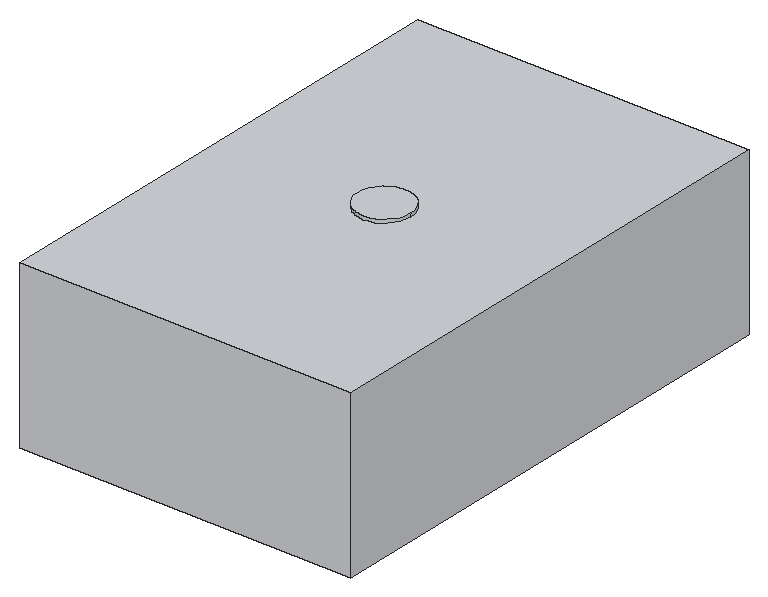
Revit family "電線管用ファミリ(片側のみ)", category Electrical Fixtures, Revit 2021
Family settings
  Maintain Annotation Orientation = No
  Round Connector Dimension = Use Diameter
  Part Type = Normal
  OmniClass Number = 23.80.00.00
  OmniClass Title = Electric Power and Lighting
  Work Plane-Based = No
  Always vertical = Yes
  Cut with Voids When Loaded = No
  Shared = No
  Room Calculation Point = No
Parameters
  コネクタ直径 [instance] = 16 mm
  W [instance] = 100 mm
  Default Elevation = 0 mm
  D [instance] = 150 mm
Reference planes
  plane 1 "中心(正面/背面)": y = 0
  plane 2: z = 0
  plane 3 "中心(左/右)": x = 0
  plane 4 "左": x = -50
  plane 5 "右": x = 50
  plane 6 "上": y = 75
  plane 7 "下": y = -75
  plane 8 "高さ": z = 50
Forms (mm)
  Extrusion 1, solid
    sketch origin (0, 0, 0) x (1, 0, 0) y (0, 1, 0)
      loop
        line (-50, 75) -> (-50, -75) -> (50, -75) -> (50, 75) -> (-50, 75)
    from 0 to 50
  Extrusion 2, solid
    sketch origin (0, 0, 50) x (-1, 0, 0) y (0, -1, 0)
      loop
        circle (0, 0) r 8
    from 0 to 1
Dimensions and locks
  equal spacing: plane 4 "左", plane 3 "中心(左/右)", plane 5 "右"
  "W": plane 4 "左" to plane 5 "右"
  equal spacing: plane 6 "上", plane 1 "中心(正面/背面)", plane 7 "下"
  "D": plane 6 "上" to plane 7 "下"
  "コネクタ直径": diameter of Extrusion 2 sketch curve
  aligned and locked: level to plane 2
  aligned and locked: Extrusion 1 sketch curve to plane 6 "上"
  aligned and locked: plane 4 "左" to Extrusion 1 sketch curve
  aligned and locked: plane 7 "下" to Extrusion 1 sketch curve
  aligned and locked: Extrusion 1 sketch curve to plane 5 "右"
Automatic sketch dimensions
  plane 1 "中心(正面/背面)" to Extrusion 2 sketch curve = 0 mm
  Extrusion 2 sketch curve to plane 3 "中心(左/右)" = 0 mm
Connectors
  cabletrayconduit at (0, 0, 51), diameter 16, driven by "コネクタ直径"
    settings: on Extrusion 2, index 3, connector width 300 mm, connector height 300 mm, connector angle 0.00°, system type 32, placement type 0, profile type 0, connector reference index -1, is primary connector yes, connector utility param no, connector description ""
